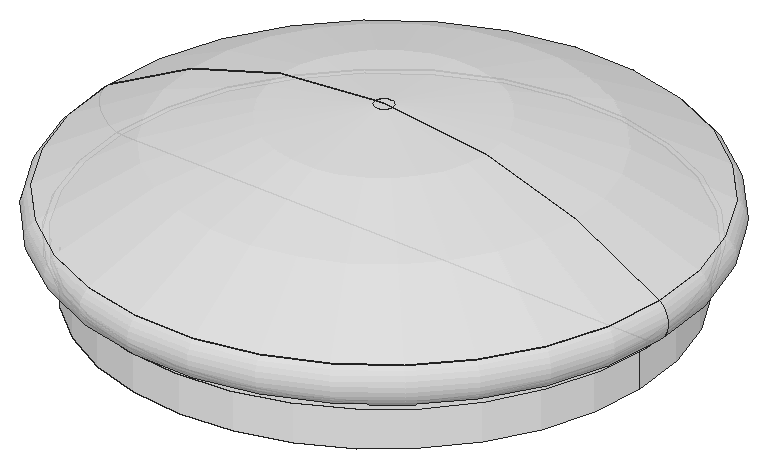
Revit family "0043262 Sylvania Lighting Fixture SYLCIRCLE 17W 4000K", category Lighting Fixtures, host Face, Revit 2016
Family settings
  Host = Face
  Part Type = Normal
  Round Connector Dimension = Use Diameter
  OmniClass Number = 23.80.70.11.17
  OmniClass Title = Specialized Lighting by Location or Use
  Cut with Voids When Loaded = No
  Light Source = Yes
  Shared = No
  Room Calculation Point = No
Parameters (values of type "0043262 SYLCIRCLE 17W 4000K")
  Weight = "3.948 kg"
  WarrantyStartDate [instance] = "n/a"
  WarrantyGuarantorParts = "n/a"
  WarrantyDurationUnit = "n/a"
  WarrantyDurationParts = "n/a"
  WarrantyDescription = "n/a"
  Voltage = 230 V
  TypeName = "SYLCIRCLE 17W 4000K"
  SerialNumber [instance] = "n/a"
  Radius_FEILO = 165.0 mm
  Wattage = 17 W
  built-in parameter 1150110 = 1 (stored number, unit not read)
  URL = "http://www.sylvania-lighting.com"
  built-in parameter 1114217 = 1 (stored number, unit not read)
  Tilt Angle = -90°
  built-in parameter 1150109 = 1 (stored number, unit not read)
  built-in parameter 1150134 = 12
  built-in parameter 1150113 = 1 (stored number, unit not read)
  PowerFactor = 0.8
  PowerConsumption = "17 W"
  Photometric Web File = "0043262.ies"
  NominalWidth = 0.0 mm
  NominalLength = 330.0 mm
  NominalHeight = 96.0 mm
  Name = "SYLCIRCLE 17W 4000K"
  ModelReference = "SYLCIRCLE 17W 4000K"
  ModelNumber = "0043262"
  Material_4_FEILO = none
  Material_3_FEILO = Polycarbonate_Sylvania_Sylcircle_Opal
  Material_2_FEILO = Metal_Sylvania_Sylcircle_White
  Material_1_FEILO = none
  Material = "aluminium housing, polycarbonate diffuser"
  ManufacturerName = "Feilo Sylvania"
  LuminousEfficacy = "91 lm/W"
  LuminaireType = ""
  LightOutputRatio = "n/a"
  LampsType = Lamp  # "LED"
  LampNominalLuminous = "1545 lm"
  LampMacAdamStep = "6"
  LampColourTemperature = "4000 K"
  LampColourRenderingIndex = "80"
  Keynote = "16500"
  InstallationDate [instance] = "n/a"
  InputVoltage = "220-240V~"
  InputNominalFrequency = "50 Hz"
  IngressProtection = "IP44"
  ImpactProtectionIndex = "IK03"
  IfcExportType = "IfcLightFixtureType"
  IfcExportAs = "IfcLightFixtureType"
  Height_FEILO = 96.0 mm
  ExpectedLife = 50000
  ElectricShockClassification = "Class I"
  DurationUnit = "hours"
  DocumentationLiterature = "http://www.sylvania-lighting.com/product/en-int/products/0043262"
  DimmingControlOptions = "Non dimmable"
  Diameter_FEILO = 2 * Radius_FEILO  # 330.0 mm
  CreatedOn = "5/25/2018"
  CreatedBy = "aron.fodor@sylvania-lighting.com"
  built-in parameter 1114216 [instance] = 1 (stored number, unit not read)
  Model = "SYLCIRCLE 17W 4000K"
  Manufacturer = "Feilo Sylvania"
  built-in parameter 1150105 = 362.94 (stored number, unit not read)
  Lumens = 1547 lm
  built-in parameter 1150115 = 1 (stored number, unit not read)
  built-in parameter 1150137 = (empty or 0)
  built-in parameter 1150139 = (empty or 0)
  built-in parameter 1150112 = 1 (stored number, unit not read)
  built-in parameter 1150114 = 1 (stored number, unit not read)
  Lamp = "LED"
  built-in parameter 1150132 = 2
  built-in parameter 1150102 = (empty or 0)
  built-in parameter 1150107 = 4000 (stored number, unit not read)
  built-in parameter 1150138 = (empty or 0)
  built-in parameter 1150106 = 3.6294 (stored number, unit not read)
  built-in parameter 1150104 = 8.4542 (stored number, unit not read)
  Dimming Lamp Color Temperature Shift = <None>
  Description = "Ceiling / wall luminaire with integrated LED  Perfect solution for hallways, circulation spaces or foyer.   Even and uniform light distribution with a halo lighting effect on the wall surface    17W 1545 lumens Supplied with LED driver (non-dimmable)    IK03 PMMA diffuser   Low maintenance with 30,000 hours LED life expectancy"
  Default Elevation = 0.0 mm
  Color Filter = 16777215
  built-in parameter 1140040 [instance] = 1
  BarCode [instance] = "n/a"
  built-in parameter 1114218 = 1 (stored number, unit not read)
  built-in parameter 1150133 = 10 (stored number, unit not read)
  AssetType = "Fixed"
  AssetIdentifier [instance] = "n/a"
  Assembly Code = "D5020200"
  Apparent Load = 17 VA
Reference planes
  plane 1 "Center (Front/Back)": y = 0
  plane 2: z = 0
  plane 3 "Center (Left/Right)": x = 0
  plane 4: x = 165
  plane 5: z = 23
  plane 6 "Housing Bottom": z = 27
  plane 7: z = 50
  plane 8 "Fixture Bottom": z = 96
  plane 9: x = 160
  plane 10: x = 155
  plane 11: x = 152
  plane 12: x = 148
Forms (mm)
  Revolve 1, solid, material "Polycarbonate_Sylvania_Sylcircle_Opal" <- "Material_3_FEILO", detail levels fine
    sketch origin (0, 0, 0) x (1, 0, 0) y (0, 0, 1)
      loop
        line (0, 96) -> (0, 27) -> (154.962, 27)
        arc (154.962, 27) -> (164.736, 36.911) -> (160, 50) r 13.044
        arc (160, 50) -> (85.841, 84.257) -> (5, 96) r 284.141
        line (5, 96) -> (0, 96)
      axis (0, 96) -> (0, 27)
    angle from 0 to 360
  Revolve 2, solid, material "Metal_Sylvania_Sylcircle_White" <- "Material_2_FEILO", detail levels fine
    sketch origin (0, 0, 0) x (1, 0, 0) y (0, 0, 1)
      loop
        line (152, 27) -> (0, 27) -> (0, 0) -> (148, 0) -> (148, 23) -> (152, 23) -> (152, 27)
      axis (0, 27) -> (0, 0)
    angle from 0 to 360
  Revolve 3, solid, material "Metal_Sylvania_Sylcircle_White" <- "Material_2_FEILO", detail levels coarse+medium
    sketch origin (0, 0, 0) x (1, 0, 0) y (0, 0, 1)
      loop
        line (0, 96) -> (0, 0) -> (148, 0) -> (148, 23) -> (152, 23) -> (152, 27) -> (154.962, 27)
        arc (154.962, 27) -> (164.736, 36.911) -> (160, 50) r 13.044
        arc (160, 50) -> (85.841, 84.257) -> (5, 96) r 284.141
        line (5, 96) -> (0, 96)
      axis (0, 96) -> (0, 0)
    angle from 0 to 360
Dimensions and locks
  "Height_FEILO": plane 8 "Fixture Bottom" to plane 2
  "Radius_FEILO": plane 4 to plane 3 "Center (Left/Right)"
  plane 6 "Housing Bottom" to plane 5 to plane 2 = 4.0 mm locked, 23.0 mm locked
  plane 4 to plane 9 to plane 10 to plane 11 to plane 12 = 5.0 mm locked, 5.0 mm locked, 3.0 mm locked, 4.0 mm locked
  aligned and locked: plane 2 to host face
  aligned and locked: level to host face
  aligned and locked: plane 1 "Center (Front/Back)" to imposter light
  aligned and locked: plane 3 "Center (Left/Right)" to imposter light
  aligned and locked: Revolve 1 sketch curve to plane 3 "Center (Left/Right)"
  aligned and locked: plane 6 "Housing Bottom" to Revolve 1 sketch curve  (x2)
  aligned and locked: Revolve 1 sketch curve to plane 8 "Fixture Bottom"
  aligned and locked: plane 9 to Revolve 1 sketch curve
  aligned and locked: Revolve 2 sketch curve to plane 6 "Housing Bottom"
  aligned and locked: Revolve 2 sketch curve to plane 11
  aligned and locked: Revolve 2 sketch curve to plane 5
  aligned and locked: Revolve 2 sketch curve to plane 12
  aligned and locked: Revolve 2 sketch curve to plane 2
  aligned and locked: Revolve 2 sketch curve to plane 3 "Center (Left/Right)"  (x2)
  aligned and locked: plane 8 "Fixture Bottom" to imposter light
  aligned and locked: plane 9 to Revolve 3 sketch curve
  aligned and locked: plane 6 "Housing Bottom" to Revolve 3 sketch curve
  aligned and locked: plane 7 to Revolve 3 sketch curve
  aligned and locked: Revolve 3 sketch curve to imposter light
  aligned and locked: Revolve 3 sketch curve to plane 11
  aligned and locked: Revolve 3 sketch curve to plane 2
  aligned and locked: Revolve 3 sketch curve to plane 5
  aligned and locked: Revolve 3 sketch curve to plane 12
Automatic sketch dimensions
  host sketch curve to host sketch curve = 1305.563 mm
  host sketch curve to host sketch curve = 1283.632 mm
  Revolve 1 sketch curve to plane 3 "Center (Left/Right)" = 0.0 mm
  Revolve 1 sketch curve to plane 7 = 0.0 mm
  Revolve 1 sketch curve to plane 10 = 0.038 mm
  plane 3 "Center (Left/Right)" to Revolve 1 sketch curve = 5.0 mm
  Revolve 1 sketch curve to plane 10 = 3.007 mm
  Revolve 1 sketch curve to Revolve 1 sketch curve = 234.06 mm
  Revolve 1 sketch curve to Revolve 1 sketch curve = 2559.943 mm
  Revolve 2 sketch curve to level = 372.274 mm
  plane 8 "Fixture Bottom" to Revolve 2 sketch curve = 2559.943 mm
  Revolve 3 sketch curve to plane 3 "Center (Left/Right)" = 0.0 mm  (x2)
  plane 3 "Center (Left/Right)" to Revolve 3 sketch curve = 5.0 mm
  Revolve 3 sketch curve to plane 10 = 0.038 mm
  Revolve 3 sketch curve to plane 11 = 0.007 mm
  Revolve 3 sketch curve to Revolve 3 sketch curve = 234.06 mm
  Revolve 3 sketch curve to Revolve 3 sketch curve = 2559.943 mm
Connectors
  electrical at (0, 0, 0), driven by "Apparent Load", driven by "Voltage", driven by "PowerFactor"
    settings: on Revolve 2, index 1, voltage 230 V, apparent load 0 VA, apparent load phase1 17 VA, apparent load phase2 0 VA, apparent load phase3 0 VA, power factor 0.8, load classification "Lighting", number of poles 1, system type 31, power factor state 1, is connector primary yes, connector utility no, sub classification motor no, connector description ""
